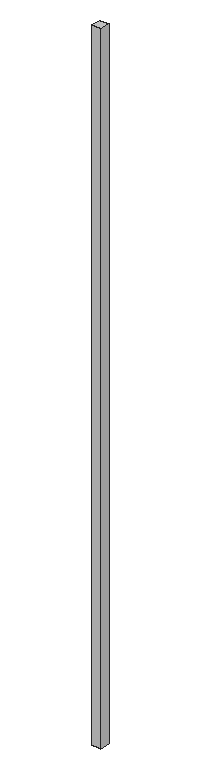
Revit family "M_Barras quadradas-coluna", category Pilares estruturais, Revit 2019 (continued)
Types in the file's own list only (191): name | Largura | Momento de inércia de torção | Módulo de torção | Chave do nome do corte | Área de corte | Eixo fraco do módulo plástico | Eixo forte do módulo plástico | Perímetro | Peso nominal | Eixo fraco do momento de inércia | Eixo forte do momento de inércia | Altura | Eixo fraco do módulo de elasticidade | Eixo forte do módulo de elasticidade | Centróide vertical | Centróide horizontal
  RV230.19 | 230.2 mm | 0.00 mm4 | 0.0 mm³ | "RV 9 1/16" | 52986.3 mm² | 3049195.0 mm³ | 3049195.0 mm³ | 0.92 m²/m | 0.00 kgf/m | 233962201.00 mm4 | 233962201.00 mm4 | 230.2 mm | 2032797.0 mm³ | 2032797.0 mm³ | 115.1 mm | 115.1 mm
  RV241.3 | 241.3 mm | 0.00 mm4 | 0.0 mm³ | "RV 9 1/2" | 58225.7 mm² | 3512465.0 mm³ | 3512465.0 mm³ | 0.97 m²/m | 0.00 kgf/m | 282519248.00 mm4 | 282519248.00 mm4 | 241.3 mm | 2341643.0 mm³ | 2341643.0 mm³ | 120.7 mm | 120.7 mm
  RV234.95 | 235.0 mm | 0.00 mm4 | 0.0 mm³ | "RV 9 1/4" | 55201.5 mm² | 3242398.0 mm³ | 3242398.0 mm³ | 0.94 m²/m | 0.00 kgf/m | 253933823.00 mm4 | 253933823.00 mm4 | 235.0 mm | 2161599.0 mm³ | 2161599.0 mm³ | 117.5 mm | 117.5 mm
  RV231.78 | 231.8 mm | 0.00 mm4 | 0.0 mm³ | "RV 9 1/8" | 53719.7 mm² | 3112718.0 mm³ | 3112718.0 mm³ | 0.93 m²/m | 0.00 kgf/m | 240483405.00 mm4 | 240483405.00 mm4 | 231.8 mm | 2075145.0 mm³ | 2075145.0 mm³ | 115.9 mm | 115.9 mm
  RV246.06 | 246.1 mm | 0.00 mm4 | 0.0 mm³ | "RV 9 11/16" | 60546.8 mm² | 3724571.0 mm³ | 3724571.0 mm³ | 0.98 m²/m | 0.00 kgf/m | 305492451.00 mm4 | 305492451.00 mm4 | 246.1 mm | 2483048.0 mm³ | 2483048.0 mm³ | 123.0 mm | 123.0 mm
  RV249.24 | 249.2 mm | 0.00 mm4 | 0.0 mm³ | "RV 9 13/16" | 62119.3 mm² | 3870617.0 mm³ | 3870617.0 mm³ | 1.00 m²/m | 0.00 kgf/m | 321567611.00 mm4 | 321567611.00 mm4 | 249.2 mm | 2580411.0 mm³ | 2580411.0 mm³ | 124.6 mm | 124.6 mm
  RV252.41 | 252.4 mm | 0.00 mm4 | 0.0 mm³ | "RV 9 15/16" | 63712.1 mm² | 4020431.0 mm³ | 4020431.0 mm³ | 1.01 m²/m | 0.00 kgf/m | 338268990.00 mm4 | 338268990.00 mm4 | 252.4 mm | 2680287.0 mm³ | 2680287.0 mm³ | 126.2 mm | 126.2 mm
  RV233.36 | 233.4 mm | 0.00 mm4 | 0.0 mm³ | "RV 9 3/16" | 54458.1 mm² | 3177117.0 mm³ | 3177117.0 mm³ | 0.93 m²/m | 0.00 kgf/m | 247139992.00 mm4 | 247139992.00 mm4 | 233.4 mm | 2118078.0 mm³ | 2118078.0 mm³ | 116.7 mm | 116.7 mm
  RV247.65 | 247.7 mm | 0.00 mm4 | 0.0 mm³ | "RV 9 3/4" | 61330.5 mm² | 3797126.0 mm³ | 3797126.0 mm³ | 0.99 m²/m | 0.00 kgf/m | 313452749.00 mm4 | 313452749.00 mm4 | 247.7 mm | 2531417.0 mm³ | 2531417.0 mm³ | 123.8 mm | 123.8 mm
  RV238.13 | 238.1 mm | 0.00 mm4 | 0.0 mm³ | "RV 9 3/8" | 56703.5 mm² | 3375631.0 mm³ | 3375631.0 mm³ | 0.95 m²/m | 0.00 kgf/m | 267940724.00 mm4 | 267940724.00 mm4 | 238.1 mm | 2250421.0 mm³ | 2250421.0 mm³ | 119.1 mm | 119.1 mm
  RV236.54 | 236.5 mm | 0.00 mm4 | 0.0 mm³ | "RV 9 5/16" | 55950.0 mm² | 3308568.0 mm³ | 3308568.0 mm³ | 0.95 m²/m | 0.00 kgf/m | 260866772.00 mm4 | 260866772.00 mm4 | 236.5 mm | 2205712.0 mm³ | 2205712.0 mm³ | 118.3 mm | 118.3 mm
  RV244.48 | 244.5 mm | 0.00 mm4 | 0.0 mm³ | "RV 9 5/8" | 59768.0 mm² | 3652947.0 mm³ | 3652947.0 mm³ | 0.98 m²/m | 0.00 kgf/m | 297684741.00 mm4 | 297684741.00 mm4 | 244.5 mm | 2435298.0 mm³ | 2435298.0 mm³ | 122.2 mm | 122.2 mm
  RV239.71 | 239.7 mm | 0.00 mm4 | 0.0 mm³ | "RV 9 7/16" | 57462.1 mm² | 3443595.0 mm³ | 3443595.0 mm³ | 0.96 m²/m | 0.00 kgf/m | 275157579.00 mm4 | 275157579.00 mm4 | 239.7 mm | 2295730.0 mm³ | 2295730.0 mm³ | 119.9 mm | 119.9 mm
  RV250.83 | 250.8 mm | 0.00 mm4 | 0.0 mm³ | "RV 9 7/8" | 62913.2 mm² | 3945050.0 mm³ | 3945050.0 mm³ | 1.00 m²/m | 0.00 kgf/m | 329839025.00 mm4 | 329839025.00 mm4 | 250.8 mm | 2630033.0 mm³ | 2630033.0 mm³ | 125.4 mm | 125.4 mm
  RV242.89 | 242.9 mm | 0.00 mm4 | 0.0 mm³ | "RV 9 9/16" | 58994.3 mm² | 3582247.0 mm³ | 3582247.0 mm³ | 0.97 m²/m | 0.00 kgf/m | 290027656.00 mm4 | 290027656.00 mm4 | 242.9 mm | 2388165.0 mm³ | 2388165.0 mm³ | 121.4 mm | 121.4 mm
  RV14.288 | 14.3 mm | 0.00 mm4 | 0.0 mm³ | "RV 9/16" | 204.1 mm² | 729.0 mm³ | 729.0 mm³ | 0.06 m²/m | 0.00 kgf/m | 3473.00 mm4 | 3473.00 mm4 | 14.3 mm | 486.0 mm³ | 486.0 mm³ | 7.1 mm | 7.1 mm
